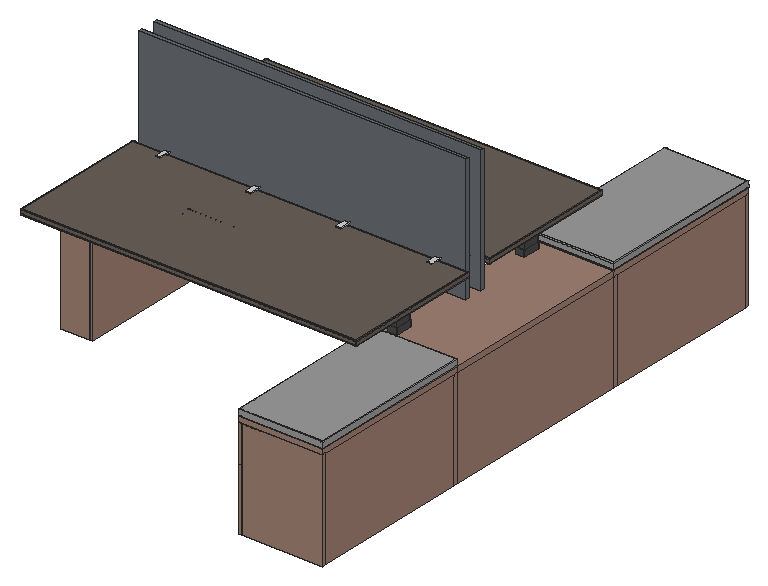
Revit family "OFS TYPICAL S200133", category Furniture, Revit 2022 (continued)
Definition of nested family "STAKS CROSS RAIL PREMIUM POWER Double Sided Three Circuit"
  Forms (in)
    Extrusion 21, solid, material <- "Metal Conduit Material"
      sketch origin (0, 0, -7.21633) x (1, 0, 0) y (0, 0, 1)
        loop
          line (-7.9956, 25.96148) -> (-7.9956, 25.77398) -> (-7.4956, 25.77398) -> (-7.4956, 25.96148) -> (-7.9956, 25.96148)
        loop
          line (-7.9956, 25.72711) -> (-7.9956, 25.53961) -> (-7.4956, 25.53961) -> (-7.4956, 25.72711) -> (-7.9956, 25.72711)
        loop
          line (-8.2456, 26.78961) -> (-7.4956, 26.78961) -> (-7.4956, 26.85211) -> (-7.9956, 26.85211) -> (-7.9956, 26.91461)
          arc (-7.9956, 26.91461) -> (-8.13244, 26.87579) -> (-8.2456, 26.78961) r 0.38203
        loop
          arc (-8.2456, 25.41461) -> (-8.13244, 25.32842) -> (-7.9956, 25.28961) r 0.38203
          line (-7.9956, 25.28961) -> (-7.9956, 25.35211) -> (-7.4956, 25.35211) -> (-7.4956, 25.41461) -> (-8.2456, 25.41461)
      from -0.1875 to 0.1875
    Extrusion 22, solid, material <- "Duplex Receptacle Material"
      sketch origin (0, 0, -7.21633) x (1, 0, 0) y (0, 0, 1)
        loop
          line (-5.67511, 27.03961) -> (-7.10692, 27.03961)
          arc (-7.10692, 27.03961) -> (-6.95294, 26.10211) -> (-7.10692, 25.16461) r 2.93108
          line (-7.10692, 25.16461) -> (-5.67511, 25.16461)
          arc (-5.67511, 25.16461) -> (-5.71965, 26.10211) -> (-5.67511, 27.03961) r 9.89034
      from -0.21875 to 0.21875
    Extrusion 23, solid, material <- "Duplex Receptacle Material"
      sketch origin (0, 0, -7.21633) x (-1, 0, 0) y (0, 0, -1)
        loop
          arc (-7.1328, -27.11305) -> (-6.95294, -26.10211) -> (-7.1328, -25.09116) r 2.93108
          line (-7.1328, -25.09116) -> (-7.4956, -25.09116) -> (-7.4956, -27.11305) -> (-7.1328, -27.11305)
      from -0.3125 to 0.3125
    Extrusion 24, solid, material <- "Duplex Receptacle Material"
      sketch origin (0, 0, -7.21633) x (-1, 0, 0) y (0, 0, -1)
        loop
          arc (-4.9204, -27.11305) -> (-4.74522, -26.10211) -> (-4.9204, -25.09116) r 3.00461
          line (-4.9204, -25.09116) -> (-5.64994, -25.09116)
          arc (-5.64994, -25.09116) -> (-5.70183, -26.10211) -> (-5.64994, -27.11305) r 9.87253
          line (-5.64994, -27.11305) -> (-4.9204, -27.11305)
      from -0.375 to 0.375
    Extrusion 25, solid, material <- "Metal Conduit Material"
      sketch origin (0, 0, -7.21633) x (-1, 0, 0) y (0, 0, -1)
        loop
          line (-7.9956, -26.66461) -> (-7.4956, -26.66461) -> (-7.4956, -26.47711) -> (-7.9956, -26.47711) -> (-7.9956, -26.66461)
        loop
          line (-7.9956, -26.43023) -> (-7.4956, -26.43023) -> (-7.4956, -26.24273) -> (-7.9956, -26.24273) -> (-7.9956, -26.43023)
        loop
          line (-7.9956, -26.19586) -> (-7.4956, -26.19586) -> (-7.4956, -26.00836) -> (-7.9956, -26.00836) -> (-7.9956, -26.19586)
        loop
          line (-7.9956, -25.96148) -> (-7.4956, -25.96148) -> (-7.4956, -25.77398) -> (-7.9956, -25.77398) -> (-7.9956, -25.96148)
        loop
          line (-7.9956, -25.72711) -> (-7.4956, -25.72711) -> (-7.4956, -25.53961) -> (-7.9956, -25.53961) -> (-7.9956, -25.72711)
        loop
          arc (-8.2456, -26.78961) -> (-8.13244, -26.87579) -> (-7.9956, -26.91461) r 0.38203
          line (-7.9956, -26.91461) -> (-7.9956, -26.85211) -> (-7.4956, -26.85211) -> (-7.4956, -26.78961) -> (-8.2456, -26.78961)
        loop
          line (-8.2456, -25.41461) -> (-7.4956, -25.41461) -> (-7.4956, -25.35211) -> (-7.9956, -25.35211) -> (-7.9956, -25.28961)
          arc (-7.9956, -25.28961) -> (-8.13244, -25.32842) -> (-8.2456, -25.41461) r 0.38203
      from -0.1875 to 0.1875
    Extrusion 26, solid, material <- "Duplex Receptacle Material"
      sketch origin (0, 0, -7.21633) x (-1, 0, 0) y (0, 0, -1)
        loop
          arc (-5.67511, -27.03961) -> (-5.71965, -26.10211) -> (-5.67511, -25.16461) r 9.89034
          line (-5.67511, -25.16461) -> (-7.10692, -25.16461)
          arc (-7.10692, -25.16461) -> (-6.95294, -26.10211) -> (-7.10692, -27.03961) r 2.93108
          line (-7.10692, -27.03961) -> (-5.67511, -27.03961)
      from -0.21875 to 0.21875
    Extrusion 27, solid, material <- "Metal Conduit Material"
      sketch origin (0, 0, -7.21633) x (0, 1, 0) y (0, 0, 1)
        loop
          spline (0, 25.62489) -> (0.05662, 25.64115) -> (0.10938, 25.68882) -> (0.15468, 25.76466) -> (0.18944, 25.8635) -> (0.2113, 25.97859) -> (0.21875, 26.10211) -> (0.2113, 26.22562) -> (0.18944, 26.34072) -> (0.15468, 26.43955) -> (0.10938, 26.51539) -> (0.05662, 26.56307) -> (0, 26.57933)
          spline (0, 26.57933) -> (-0.05662, 26.56307) -> (-0.10937, 26.51539) -> (-0.15468, 26.43955) -> (-0.18944, 26.34072) -> (-0.2113, 26.22562) -> (-0.21875, 26.10211) -> (-0.2113, 25.97859) -> (-0.18944, 25.8635) -> (-0.15468, 25.76466) -> (-0.10937, 25.68882) -> (-0.05662, 25.64115) -> (0, 25.62489)
      from -4.74522 to 4.74522
    Extrusion 28, solid, material <- "Bracket Material"
      sketch origin (-50.50488, -2.60899, -4) x (-1, 0, 0) y (0, -1, 0)
        loop
          line (-41.45406, -1.76899) -> (-41.56407, -1.76899)
          arc (-41.56407, -1.76899) -> (-41.69842, -1.82464) -> (-41.75407, -1.95899) r 0.19
          line (-41.75407, -1.95899) -> (-41.75407, -3.25899)
          arc (-41.75407, -3.25899) -> (-41.69842, -3.39334) -> (-41.56407, -3.44899) r 0.19
          line (-41.56407, -3.44899) -> (-41.45406, -3.44899) -> (-41.45406, -1.76899)
      from 23.79535 to 23.89535
    Extrusion 29, solid, material <- "Bracket Material"
      sketch origin (3.51075, -2.60899, -4) x (1, 0, 0) y (0, 1, 0)
        loop
          line (-15.45406, 1.76899) -> (-15.45406, 3.44899) -> (-15.56407, 3.44899)
          arc (-15.56407, 3.44899) -> (-15.69842, 3.39334) -> (-15.75407, 3.25899) r 0.19
          line (-15.75407, 3.25899) -> (-15.75407, 1.95899)
          arc (-15.75407, 1.95899) -> (-15.69842, 1.82464) -> (-15.56407, 1.76899) r 0.19
          line (-15.56407, 1.76899) -> (-15.45406, 1.76899)
      from 23.79535 to 23.89535
    Extrusion 30, void
      sketch origin (-50.49707, 0.175, -4) x (-1, 0, 0) y (0, -1, 0)
        loop
          line (-40.53389, 0) -> (-39.4687, 0)
          arc (-39.4687, 0) -> (-39.38031, 0.03661) -> (-39.3437, 0.125) r 0.125
          line (-39.3437, 0.125) -> (-39.3437, 0.82853) -> (-40.65889, 0.82853) -> (-40.65889, 0.125)
          arc (-40.65889, 0.125) -> (-40.62228, 0.03661) -> (-40.53389, 0) r 0.125
      from 24.43427 to 24.79317
    Extrusion 31, solid, material <- "Bracket Material"
      sketch origin (39.50552, 0, -4) x (0, 1, 0) y (0, 0, -1)
        loop
          line (0.05, -24.13481) -> (-0.05, -24.13481) -> (-0.05, -24.44535)
          arc (-0.05, -24.44535) -> (0.0159, -24.60445) -> (0.175, -24.67035) r 0.225
          line (0.175, -24.67035) -> (0.175, -24.57035)
          arc (0.175, -24.57035) -> (0.08661, -24.53374) -> (0.05, -24.44535) r 0.125
          line (0.05, -24.44535) -> (0.05, -24.13481)
      from 49.4687 to 50.53389
    Extrusion 32, solid, material <- "Bracket Material"
      sketch origin (50.50488, -2.60899, -4) x (1, 0, 0) y (0, 1, 0)
        loop
          line (-41.45406, 1.76899) -> (-41.45406, 3.44899) -> (-41.56407, 3.44899)
          arc (-41.56407, 3.44899) -> (-41.69842, 3.39334) -> (-41.75407, 3.25899) r 0.19
          line (-41.75407, 3.25899) -> (-41.75407, 1.95899)
          arc (-41.75407, 1.95899) -> (-41.69842, 1.82464) -> (-41.56407, 1.76899) r 0.19
          line (-41.56407, 1.76899) -> (-41.45406, 1.76899)
      from 23.79535 to 23.89535
    Extrusion 33, solid, material <- "Bracket Material"
      sketch origin (-3.51075, -2.60899, -4) x (-1, 0, 0) y (0, -1, 0)
        loop
          line (-15.45406, -1.76899) -> (-15.56407, -1.76899)
          arc (-15.56407, -1.76899) -> (-15.69842, -1.82464) -> (-15.75407, -1.95899) r 0.19
          line (-15.75407, -1.95899) -> (-15.75407, -3.25899)
          arc (-15.75407, -3.25899) -> (-15.69842, -3.39334) -> (-15.56407, -3.44899) r 0.19
          line (-15.56407, -3.44899) -> (-15.45406, -3.44899) -> (-15.45406, -1.76899)
      from 23.79535 to 23.89535
    Extrusion 34, void
      sketch origin (50.49707, 0.175, -4) x (1, 0, 0) y (0, 1, 0)
        loop
          arc (-40.53389, 0) -> (-40.62228, -0.03661) -> (-40.65889, -0.125) r 0.125
          line (-40.65889, -0.125) -> (-40.65889, -0.82853) -> (-39.3437, -0.82853) -> (-39.3437, -0.125)
          arc (-39.3437, -0.125) -> (-39.38031, -0.03661) -> (-39.4687, 0) r 0.125
          line (-39.4687, 0) -> (-40.53389, 0)
      from 24.43427 to 24.79317
    Extrusion 35, solid, material <- "Bracket Material"
      sketch origin (-39.50552, 0, -4) x (0, 1, 0) y (0, 0, 1)
        loop
          line (0.05, 24.13481) -> (0.05, 24.44535)
          arc (0.05, 24.44535) -> (0.08661, 24.53374) -> (0.175, 24.57035) r 0.125
          line (0.175, 24.57035) -> (0.175, 24.67035)
          arc (0.175, 24.67035) -> (0.0159, 24.60445) -> (-0.05, 24.44535) r 0.225
          line (-0.05, 24.44535) -> (-0.05, 24.13481) -> (0.05, 24.13481)
      from 49.4687 to 50.53389
    Extrusion 36, solid, material <- "Surface Material"
      sketch origin (0, 0, 0) x (1, 0, 0) y (0, 1, 0)
        loop
          line (-21.08661, 3) -> (-21.08661, -3) -> (21.08661, -3) -> (21.08661, 3) -> (-21.08661, 3)
      from 21.75 to 22.5
    Extrusion 37, solid, material <- "Bracket Material"
      sketch origin (0, 0, 0) x (0, 1, 0) y (0, 0, 1)
        loop
          line (0.79792, 20.75) -> (0.67292, 20.75) -> (0.67292, 18.36398) -> (-0.67292, 18.36398) -> (-0.67292, 20.75) -> (-0.79792, 20.75) -> (-0.79792, 18.23898) -> (0.79792, 18.23898) -> (0.79792, 20.75)
      from -0.5 to 0.5
    Extrusion 38, solid, material <- "Surface Material"
      sketch origin (0, 0, 0) x (0, 1, 0) y (0, 0, 1)
        loop
          line (2, 20.75) -> (2, 21.67035) -> (1.75, 21.67035) -> (1.75, 21.75) -> (-1.75, 21.75) -> (-1.75, 21.67035) -> (-2, 21.67035) -> (-2, 20.75) -> (2, 20.75)
      from -24 to 24
    Extrusion 39, solid, material <- "Power Block Casing Material"
      sketch origin (0, 0, -4.92035) x (0, 1, 0) y (0, 0, 1)
        loop
          arc (1, 25.61295) -> (0.93823, 25.67472) -> (0.87646, 25.61295) r 0.06177
          line (0.87646, 25.61295) -> (0.87646, 25.28492) -> (0.9402, 25.28492) -> (0.9402, 22.49327) -> (0.87646, 22.49327) -> (0.87646, 22.16134)
          arc (0.87646, 22.16134) -> (0.93823, 22.09957) -> (1, 22.16134) r 0.06177
          line (1, 22.16134) -> (1, 25.61295)
        loop
          line (-1, 25.59342) -> (-1, 22.16134)
          arc (-1, 22.16134) -> (-0.93823, 22.09957) -> (-0.87646, 22.16134) r 0.06177
          line (-0.87646, 22.16134) -> (-0.87646, 22.49327) -> (-0.9402, 22.49327) -> (-0.9402, 25.28492) -> (-0.87646, 25.28492) -> (-0.87646, 25.59342)
          arc (-0.87646, 25.59342) -> (-0.93823, 25.65518) -> (-1, 25.59342) r 0.06177
      from -18.08898 to 18.08898
    Extrusion 40, void
      sketch origin (0, 0, 0) x (1, 0, 0) y (0, 0, 1)
        loop
          arc (-11.99767, 19.66716) -> (-12.08606, 19.63055) -> (-12.12267, 19.54216) r 0.125
          line (-12.12267, 19.54216) -> (-12.12267, 18.2311)
          arc (-12.12267, 18.2311) -> (-12.08606, 18.14271) -> (-11.99767, 18.1061) r 0.125
          line (-11.99767, 18.1061) -> (-8.99767, 18.1061)
          arc (-8.99767, 18.1061) -> (-8.90929, 18.14271) -> (-8.87267, 18.2311) r 0.125
          line (-8.87267, 18.2311) -> (-8.87267, 19.54216)
          arc (-8.87267, 19.54216) -> (-8.90929, 19.63055) -> (-8.99767, 19.66716) r 0.125
          line (-8.99767, 19.66716) -> (-11.99767, 19.66716)
      from -2 to 2
    Extrusion 41, void
      sketch origin (0, 0, 0) x (-1, 0, 0) y (0, 0, -1)
        loop
          line (-11.99767, -19.66716) -> (-8.99767, -19.66716)
          arc (-8.99767, -19.66716) -> (-8.90929, -19.63055) -> (-8.87267, -19.54216) r 0.125
          line (-8.87267, -19.54216) -> (-8.87267, -18.2311)
          arc (-8.87267, -18.2311) -> (-8.90929, -18.14271) -> (-8.99767, -18.1061) r 0.125
          line (-8.99767, -18.1061) -> (-11.99767, -18.1061)
          arc (-11.99767, -18.1061) -> (-12.08606, -18.14271) -> (-12.12267, -18.2311) r 0.125
          line (-12.12267, -18.2311) -> (-12.12267, -19.54216)
          arc (-12.12267, -19.54216) -> (-12.08606, -19.63055) -> (-11.99767, -19.66716) r 0.125
      from -2 to 2
  Cuts and joins
    joined: Extrusion 10, Extrusion 11, Extrusion 12, Extrusion 13, Extrusion 14, Extrusion 15, Extrusion 16, Extrusion 17
    joined: Extrusion 1, Extrusion 2, Extrusion 3, Extrusion 4, Extrusion 5, Extrusion 7, Extrusion 8
    Extrusion 34 cuts Extrusion 18
    joined: Extrusion 18, Extrusion 32, Extrusion 33, Extrusion 35
    Extrusion 30 cuts Extrusion 9
    joined: Extrusion 9, Extrusion 28, Extrusion 29, Extrusion 31
    Extrusion 40, Extrusion 41 cuts Extrusion 39
  Dimensions and locks (in)
    locked: plane 16 to plane 17 at 21
    plane 16 to plane 20 to plane 18 to plane 6 to plane 10 to plane 7 to plane 8 to plane 9 to plane 21 to plane 14 to plane 13 to plane 12 to plane 15 to plane 11 to plane 22 to plane 23 to plane 17 = 2.91339", 1", 0.58515", 1.41249", 1.05509", 1.06519", 1.05768", 1.41249", 1.41249", 1.05768", 1.06519", 1.05509", 1.41249", 0.58515", 1", 2.91045"
    locked: plane 34 to plane 35 at 21
    plane 34 to plane 37 to plane 36 to plane 24 to plane 28 to plane 25 to plane 26 to plane 27 to plane 38 to plane 32 to plane 31 to plane 30 to plane 33 to plane 29 to plane 39 to plane 40 to plane 35 = 2.91339", 1", 0.58515", 1.41249", 1.05509", 1.06519", 1.05768", 1.41249", 1.41249", 1.05768", 1.06519", 1.05509", 1.41249", 0.58515", 1", 2.91045"
    equal spacing: plane 42, plane 3 "Center (Left/Right)", plane 41
    plane 42 to plane 44 to plane 45 to plane 46 to plane 47 = 3/4" locked, 0.54262" locked, 1.12844" locked, 1.07932" locked
    plane 50 to plane 49 to plane 48 to plane 43 to plane 41 = 1.07932" locked, 1.12844" locked, 0.54262" locked, 3/4" locked
    equal spacing: plane 16, plane 3 "Center (Left/Right)", plane 34
    "Width": plane 16 to plane 34
    equal spacing: plane 52, plane 1 "Center (Front/Back)", plane 51
    "Depth": plane 51 to plane 52
    plane 55 to level = 22 1/2"
    locked: plane 55 to plane 56 at 0.75
    locked: plane 56 to plane 57 at 1
    plane 57 to plane 19 = 3.40043"
    plane 59 to plane 3 "Center (Left/Right)" to plane 58 = 1/2" locked, 1/2" locked
    aligned and locked: level to plane 2
    aligned and locked: plane 12 to Extrusion 3
    aligned and locked: Extrusion 3 to plane 13
    aligned and locked: plane 11 to Extrusion 6
    aligned and locked: plane 21 to Extrusion 7
    aligned and locked: plane 30 to Extrusion 12
    aligned and locked: Extrusion 12 to plane 31
    aligned and locked: Extrusion 15 to plane 29
    aligned and locked: Extrusion 16 to plane 38
    aligned and locked: plane 47 to Extrusion 27
    aligned and locked: Extrusion 27 to plane 50
    aligned and locked: plane 11 to plane 44
    aligned and locked: plane 13 to cut or joined group of Extrusion 9, Extrusion 28, Extrusion 29, Extrusion 30, Extrusion 31
    aligned and locked: cut or joined group of Extrusion 9, Extrusion 28, Extrusion 29, Extrusion 30, Extrusion 31 to plane 12
    aligned and locked: cut or joined group of Extrusion 18, Extrusion 32, Extrusion 33, Extrusion 34, Extrusion 35 to plane 31
    aligned and locked: plane 30 to cut or joined group of Extrusion 18, Extrusion 32, Extrusion 33, Extrusion 34, Extrusion 35
    aligned and locked: plane 51 to Extrusion 36
    aligned and locked: Extrusion 36 to plane 20
    aligned and locked: plane 52 to Extrusion 36
    aligned and locked: Extrusion 36 to plane 37
    aligned and locked: Extrusion 36 to plane 56
    aligned and locked: plane 55 to Extrusion 36
    aligned and locked: Extrusion 38 sketch curve to plane 56
    aligned and locked: plane 54 to Extrusion 38 sketch curve
    aligned and locked: plane 53 to Extrusion 38 sketch curve
    aligned and locked: Extrusion 38 sketch curve to plane 4  (x2)
    aligned and locked: Extrusion 38 sketch curve to plane 57
    aligned and locked: plane 16 to Extrusion 38
    aligned and locked: Extrusion 38 to plane 34
    aligned and locked: plane 58 to Extrusion 37
    aligned and locked: plane 59 to Extrusion 37
    aligned and locked: plane 10 to Extrusion 39
    aligned and locked: Extrusion 39 to plane 28
  Automatic sketch dimensions
    Extrusion 1 sketch curve to Extrusion 1 sketch curve = 0"  (x16)
    plane 15 to Extrusion 1 sketch curve = 0"
    plane 14 to Extrusion 1 sketch curve = 0"
    Extrusion 1 sketch curve to plane 57 = 1.13977"
    Extrusion 1 sketch curve to Extrusion 1 sketch curve = 1/16"  (x3)
    Extrusion 1 sketch curve to plane 15 = 0.1961"  (x2)
    Extrusion 1 sketch curve to Extrusion 1 sketch curve = 9/64"  (x4)
    plane 14 to Extrusion 1 sketch curve = 0.39922"  (x2)
    plane 14 to Extrusion 1 sketch curve = 1/16"
    Extrusion 1 sketch curve to Extrusion 1 sketch curve = 1/8"  (x2)
    Extrusion 1 sketch curve to Extrusion 1 sketch curve = 0.00885"  (x2)
    Extrusion 1 sketch curve to Extrusion 1 sketch curve = 0.00024"  (x4)
    Extrusion 1 sketch curve to Extrusion 1 sketch curve = 1/64"  (x4)
    Extrusion 1 sketch curve to Extrusion 1 sketch curve = 0.00654"  (x2)
    Extrusion 1 sketch curve to Extrusion 1 sketch curve = 0.01744"  (x2)
    Extrusion 1 sketch curve to Extrusion 1 sketch curve = 0.0926"  (x2)
    Extrusion 1 sketch curve to Extrusion 1 sketch curve = 0.01543"  (x4)
    Extrusion 1 sketch curve to Extrusion 1 sketch curve = 0.48289"  (x2)
    Extrusion 1 sketch curve to Extrusion 1 sketch curve = 0.10803"
    plane 13 to Extrusion 2 sketch curve = 0.5313"
    plane 19 to Extrusion 2 sketch curve = 1.53619"
    Extrusion 3 sketch curve to plane 1 "Center (Front/Back)" = 0"  (x2)
    Extrusion 3 sketch curve to plane 1 "Center (Front/Back)" = 0.1644"
    Extrusion 3 sketch curve to plane 57 = 0.46025"
    plane 1 "Center (Front/Back)" to Extrusion 3 sketch curve = 0.10561"
    Extrusion 3 sketch curve to Extrusion 3 sketch curve = 0.05878"
    plane 1 "Center (Front/Back)" to Extrusion 3 sketch curve = 0.56603"
    Extrusion 3 sketch curve to Extrusion 3 sketch curve = 0.02458"  (x2)
    Extrusion 3 sketch curve to Extrusion 3 sketch curve = 0.02775"  (x2)
    Extrusion 3 sketch curve to Extrusion 3 sketch curve = 0.02814"  (x2)
    Extrusion 3 sketch curve to plane 1 "Center (Front/Back)" = 0.10561"
    Extrusion 3 sketch curve to plane 1 "Center (Front/Back)" = 0.56603"
    Extrusion 3 sketch curve to Extrusion 3 sketch curve = 0.00529"
    Extrusion 3 sketch curve to Extrusion 3 sketch curve = 0.02224"  (x2)
    Extrusion 3 sketch curve to Extrusion 3 sketch curve = 0.02753"
    Extrusion 3 sketch curve to Extrusion 3 sketch curve = 0"
    Extrusion 3 sketch curve to Extrusion 3 sketch curve = 0.09356"  (x2)
    Extrusion 3 sketch curve to Extrusion 3 sketch curve = 0.26625"  (x2)
    Extrusion 3 sketch curve to Extrusion 3 sketch curve = 0.02752"  (x2)
    Extrusion 3 sketch curve to Extrusion 3 sketch curve = 0.17531"  (x2)
    Extrusion 3 sketch curve to Extrusion 3 sketch curve = 0.40998"
    Extrusion 3 sketch curve to Extrusion 3 sketch curve = 0.12078"  (x2)
    Extrusion 3 sketch curve to Extrusion 3 sketch curve = 0.096"
    Extrusion 4 sketch curve to plane 42 = 0.29039"
    Extrusion 4 sketch curve to plane 57 = 0.70235"
    Extrusion 4 sketch curve to Extrusion 4 sketch curve = 0.03538"
    Extrusion 4 sketch curve to Extrusion 4 sketch curve = 0.05701"
    Extrusion 4 sketch curve to Extrusion 4 sketch curve = 0.0537"
    Extrusion 4 sketch curve to Extrusion 4 sketch curve = 0.0963"
    Extrusion 4 sketch curve to plane 15 = 0.11622"
    Extrusion 4 sketch curve to plane 15 = 0.25829"
    Extrusion 4 sketch curve to Extrusion 4 sketch curve = 0.04427"
    Extrusion 4 sketch curve to Extrusion 4 sketch curve = 0.12931"
    Extrusion 4 sketch curve to Extrusion 4 sketch curve = 0.14662"
    Extrusion 4 sketch curve to Extrusion 4 sketch curve = 0.06164"
    Extrusion 4 sketch curve to Extrusion 4 sketch curve = 0.10456"
    Extrusion 5 sketch curve to plane 14 = 0.36951"
    Extrusion 5 sketch curve to plane 14 = 0.33413"
    Extrusion 5 sketch curve to plane 57 = 1.08284"
    Extrusion 5 sketch curve to Extrusion 5 sketch curve = 0.05701"
    Extrusion 5 sketch curve to Extrusion 5 sketch curve = 0.0537"
    Extrusion 5 sketch curve to Extrusion 5 sketch curve = 0.0963"
    plane 14 to Extrusion 5 sketch curve = 0.11881"
    plane 14 to Extrusion 5 sketch curve = 0.26088"
    Extrusion 5 sketch curve to Extrusion 5 sketch curve = 0.04291"
    Extrusion 5 sketch curve to Extrusion 5 sketch curve = 0.06852"
    Extrusion 5 sketch curve to Extrusion 5 sketch curve = 0.14662"
    Extrusion 5 sketch curve to Extrusion 5 sketch curve = 0.08504"
    Extrusion 5 sketch curve to Extrusion 5 sketch curve = 0.04427"
    plane 11 to Extrusion 6 sketch curve = 0"
    Extrusion 6 sketch curve to plane 57 = 0.8533"
    Extrusion 6 sketch curve to Extrusion 6 sketch curve = 0.37191"  (x2)
    plane 42 to Extrusion 6 sketch curve = 0.208"
    Extrusion 6 sketch curve to Extrusion 6 sketch curve = 1.01094"
    plane 19 to Extrusion 6 sketch curve = 0.52525"
    plane 21 to Extrusion 7 sketch curve = 0"
    plane 19 to Extrusion 7 sketch curve = 0.52525"
    Extrusion 7 sketch curve to plane 21 = 0.37191"  (x2)
    Extrusion 7 sketch curve to plane 21 = 0.542"
    Extrusion 7 sketch curve to Extrusion 7 sketch curve = 1.01094"
    Extrusion 7 sketch curve to plane 57 = 0.8533"
    plane 11 to Extrusion 8 sketch curve = 0"
    plane 21 to Extrusion 8 sketch curve = 0"
    Extrusion 8 sketch curve to plane 42 = 0.3051"
    Extrusion 8 sketch curve to plane 57 = 0.96424"
    Extrusion 8 sketch curve to plane 42 = 0.19353"
    Extrusion 8 sketch curve to plane 42 = 0.21308"
    Extrusion 8 sketch curve to plane 42 = 0.30563"
    Extrusion 8 sketch curve to plane 14 = 0.35686"
    Extrusion 8 sketch curve to plane 14 = 0.35739"
    Extrusion 8 sketch curve to Extrusion 8 sketch curve = 0.09255"
    Extrusion 8 sketch curve to Extrusion 8 sketch curve = 0.11157"
    Extrusion 8 sketch curve to Extrusion 8 sketch curve = 0.35781"  (x2)
    plane 19 to Extrusion 8 sketch curve = 0.99403"  (x2)
    Extrusion 8 sketch curve to Extrusion 8 sketch curve = 0.41292"
    Extrusion 9 sketch curve to plane 14 = 0.1445"
    plane 14 to Extrusion 9 sketch curve = 0.22401"
    Extrusion 9 sketch curve to plane 57 = 0.95465"
    plane 14 to Extrusion 9 sketch curve = 0.24355"
    Extrusion 9 sketch curve to Extrusion 9 sketch curve = 0.10014"  (x2)
    Extrusion 9 sketch curve to plane 57 = 0.07965"
    Extrusion 9 sketch curve to Extrusion 9 sketch curve = 0.0228"  (x2)
    Extrusion 9 sketch curve to plane 15 = 0.37235"
    Extrusion 9 sketch curve to Extrusion 9 sketch curve = 5/256"
    plane 15 to Extrusion 9 sketch curve = 0.13863"
    Extrusion 9 sketch curve to Extrusion 9 sketch curve = 0.75206"
    Extrusion 9 sketch curve to Extrusion 9 sketch curve = 0.1"
    Extrusion 9 sketch curve to Extrusion 9 sketch curve = 0.01968"
    Extrusion 9 sketch curve to Extrusion 9 sketch curve = 0.02294"
    Extrusion 10 sketch curve to Extrusion 10 sketch curve = 0"  (x16)
    plane 33 to Extrusion 10 sketch curve = 0"
    plane 32 to Extrusion 10 sketch curve = 0"
    plane 19 to Extrusion 10 sketch curve = 0.81172"
    Extrusion 10 sketch curve to plane 33 = 1/16"
    Extrusion 10 sketch curve to plane 33 = 0.1961"  (x2)
    Extrusion 10 sketch curve to Extrusion 10 sketch curve = 1/16"  (x3)
    Extrusion 10 sketch curve to Extrusion 10 sketch curve = 9/64"  (x4)
    plane 32 to Extrusion 10 sketch curve = 0.39922"  (x2)
    Extrusion 10 sketch curve to Extrusion 10 sketch curve = 1/8"  (x4)
    Extrusion 10 sketch curve to Extrusion 10 sketch curve = 0.00885"  (x2)
    Extrusion 10 sketch curve to Extrusion 10 sketch curve = 0.00024"  (x4)
    Extrusion 10 sketch curve to Extrusion 10 sketch curve = 1/64"  (x4)
    Extrusion 10 sketch curve to Extrusion 10 sketch curve = 0.00654"  (x2)
    Extrusion 10 sketch curve to Extrusion 10 sketch curve = 0.0926"  (x3)
    Extrusion 10 sketch curve to Extrusion 10 sketch curve = 0.01543"  (x4)
    Extrusion 10 sketch curve to Extrusion 10 sketch curve = 0.48289"  (x2)
    plane 31 to Extrusion 11 sketch curve = 0.5313"
    plane 19 to Extrusion 11 sketch curve = 1.53619"
    Extrusion 12 sketch curve to plane 1 "Center (Front/Back)" = 0"  (x2)
    Extrusion 12 sketch curve to plane 57 = 1.05979"
    plane 1 "Center (Front/Back)" to Extrusion 12 sketch curve = 0.10561"
    Extrusion 12 sketch curve to Extrusion 12 sketch curve = 0.05878"  (x2)
    plane 1 "Center (Front/Back)" to Extrusion 12 sketch curve = 0.56603"
    Extrusion 12 sketch curve to Extrusion 12 sketch curve = 0.02458"  (x2)
    Extrusion 12 sketch curve to Extrusion 12 sketch curve = 0.02775"  (x2)
    Extrusion 12 sketch curve to Extrusion 12 sketch curve = 0.02814"  (x2)
    Extrusion 12 sketch curve to plane 1 "Center (Front/Back)" = 0.10561"
    Extrusion 12 sketch curve to plane 1 "Center (Front/Back)" = 0.56603"
    Extrusion 12 sketch curve to Extrusion 12 sketch curve = 0.00529"
    Extrusion 12 sketch curve to Extrusion 12 sketch curve = 0.02224"  (x2)
    Extrusion 12 sketch curve to Extrusion 12 sketch curve = 0.02753"
    Extrusion 12 sketch curve to Extrusion 12 sketch curve = 0.00969"  (x2)
    Extrusion 12 sketch curve to Extrusion 12 sketch curve = 0.096"
    Extrusion 12 sketch curve to Extrusion 12 sketch curve = 0.12078"  (x2)
    Extrusion 12 sketch curve to Extrusion 12 sketch curve = 0.17531"  (x2)
    Extrusion 12 sketch curve to Extrusion 12 sketch curve = 0.02752"  (x2)
    Extrusion 12 sketch curve to Extrusion 12 sketch curve = 0.40998"
    Extrusion 12 sketch curve to Extrusion 12 sketch curve = 0"
    Extrusion 12 sketch curve to Extrusion 12 sketch curve = 0.09356"  (x2)
    Extrusion 13 sketch curve to plane 41 = 0.29039"
    Extrusion 13 sketch curve to plane 41 = 0.32576"
    Extrusion 13 sketch curve to plane 57 = 1.08284"
    Extrusion 13 sketch curve to Extrusion 13 sketch curve = 0.05701"
    Extrusion 13 sketch curve to Extrusion 13 sketch curve = 0.0537"
    Extrusion 13 sketch curve to Extrusion 13 sketch curve = 0.0963"
    Extrusion 13 sketch curve to plane 33 = 0.11622"
    Extrusion 13 sketch curve to plane 33 = 0.25829"
    Extrusion 13 sketch curve to Extrusion 13 sketch curve = 0.04291"
    Extrusion 13 sketch curve to Extrusion 13 sketch curve = 0.06852"
    Extrusion 13 sketch curve to Extrusion 13 sketch curve = 0.14662"
    Extrusion 13 sketch curve to Extrusion 13 sketch curve = 0.08504"
    Extrusion 13 sketch curve to Extrusion 13 sketch curve = 0.04427"
    Extrusion 14 sketch curve to plane 32 = 0.36951"
    Extrusion 14 sketch curve to plane 57 = 0.70235"
    Extrusion 14 sketch curve to Extrusion 14 sketch curve = 0.03538"
    Extrusion 14 sketch curve to Extrusion 14 sketch curve = 0.05701"
    Extrusion 14 sketch curve to Extrusion 14 sketch curve = 0.0537"
    Extrusion 14 sketch curve to Extrusion 14 sketch curve = 0.0963"
    plane 32 to Extrusion 14 sketch curve = 0.11881"
    plane 32 to Extrusion 14 sketch curve = 0.26088"
    Extrusion 14 sketch curve to Extrusion 14 sketch curve = 0.04427"
    Extrusion 14 sketch curve to Extrusion 14 sketch curve = 0.12931"
    Extrusion 14 sketch curve to Extrusion 14 sketch curve = 0.14662"
    Extrusion 14 sketch curve to Extrusion 14 sketch curve = 0.06164"
    Extrusion 14 sketch curve to Extrusion 14 sketch curve = 0.10456"
    plane 29 to Extrusion 15 sketch curve = 0"
    plane 19 to Extrusion 15 sketch curve = 0.52525"
    Extrusion 15 sketch curve to plane 29 = 0.37191"  (x2)
    plane 41 to Extrusion 15 sketch curve = 0.208"
    Extrusion 15 sketch curve to Extrusion 15 sketch curve = 1.01094"
    Extrusion 15 sketch curve to plane 57 = 0.8533"
    Extrusion 16 sketch curve to plane 38 = 0"
    Extrusion 16 sketch curve to plane 57 = 0.8533"
    Extrusion 16 sketch curve to Extrusion 16 sketch curve = 0.37191"  (x2)
    Extrusion 16 sketch curve to plane 38 = 0.542"
    Extrusion 16 sketch curve to Extrusion 16 sketch curve = 1.01094"
    plane 19 to Extrusion 16 sketch curve = 0.52525"
    plane 29 to Extrusion 17 sketch curve = 0"
    Extrusion 17 sketch curve to plane 38 = 0"
    plane 19 to Extrusion 17 sketch curve = 0.58111"
    Extrusion 17 sketch curve to plane 41 = 0.19353"
    Extrusion 17 sketch curve to plane 41 = 0.21308"
    Extrusion 17 sketch curve to plane 41 = 0.3051"
    Extrusion 17 sketch curve to plane 41 = 0.30563"
    Extrusion 17 sketch curve to plane 32 = 0.35686"
    Extrusion 17 sketch curve to plane 32 = 0.35739"
    Extrusion 17 sketch curve to Extrusion 17 sketch curve = 0.09255"
    Extrusion 17 sketch curve to Extrusion 17 sketch curve = 0.11157"
    Extrusion 17 sketch curve to Extrusion 17 sketch curve = 0.41292"  (x2)
    Extrusion 17 sketch curve to Extrusion 17 sketch curve = 1.08434"  (x2)
    Extrusion 17 sketch curve to Extrusion 17 sketch curve = 0.35781"
    Extrusion 18 sketch curve to plane 32 = 0.1445"
    Extrusion 18 sketch curve to plane 57 = 0.07965"
    plane 32 to Extrusion 18 sketch curve = 0.22401"
    plane 32 to Extrusion 18 sketch curve = 0.24355"
    Extrusion 18 sketch curve to Extrusion 18 sketch curve = 0.10014"  (x2)
    Extrusion 18 sketch curve to Extrusion 18 sketch curve = 0.0228"  (x2)
    Extrusion 18 sketch curve to plane 33 = 0.37235"
    Extrusion 18 sketch curve to Extrusion 18 sketch curve = 5/256"
    plane 33 to Extrusion 18 sketch curve = 0.13863"
    Extrusion 18 sketch curve to Extrusion 18 sketch curve = 0.02294"
    Extrusion 18 sketch curve to Extrusion 18 sketch curve = 0.63238"  (x2)
    Extrusion 18 sketch curve to Extrusion 18 sketch curve = 0.01968"
    Extrusion 18 sketch curve to Extrusion 18 sketch curve = 0.1"
    plane 11 to Extrusion 19 sketch curve = 0"
    Extrusion 19 sketch curve to plane 45 = 0.17982"  (x2)
    plane 19 to Extrusion 19 sketch curve = 0.52526"
    plane 12 to Extrusion 19 sketch curve = 0.07916"
    Extrusion 19 sketch curve to plane 57 = 0.85328"
    plane 46 to Extrusion 20 sketch curve = 0.1746"
    plane 19 to Extrusion 20 sketch curve = 0.52526"
    Extrusion 20 sketch curve to Extrusion 20 sketch curve = 0"
    Extrusion 20 sketch curve to plane 47 = 0.17518"  (x2)
    Extrusion 20 sketch curve to plane 11 = 0.25423"
    plane 50 to Extrusion 20 sketch curve = 0.57452"
    Extrusion 20 sketch curve to plane 57 = 0.85328"
    plane 42 to Extrusion 21 sketch curve = 0"  (x2)
    plane 11 to Extrusion 21 sketch curve = 0"  (x7)
    plane 42 to Extrusion 21 sketch curve = 1/4"  (x2)
    plane 19 to Extrusion 21 sketch curve = 0.72371"
    Extrusion 21 sketch curve to Extrusion 21 sketch curve = 0"  (x5)
    Extrusion 21 sketch curve to Extrusion 21 sketch curve = 0.03401"  (x2)
    Extrusion 21 sketch curve to Extrusion 21 sketch curve = 1/16"  (x4)
    Extrusion 21 sketch curve to Extrusion 21 sketch curve = 1/8"  (x2)
    Extrusion 21 sketch curve to Extrusion 21 sketch curve = 3/16"  (x5)
    Extrusion 21 sketch curve to Extrusion 21 sketch curve = 3/64"  (x4)
    Extrusion 22 sketch curve to plane 45 = 0.15394"
    plane 19 to Extrusion 22 sketch curve = 0.59871"
    plane 11 to Extrusion 22 sketch curve = 0.38868"
    plane 46 to Extrusion 22 sketch curve = 0.14943"  (x2)
    plane 12 to Extrusion 22 sketch curve = 0.07916"
    plane 50 to Extrusion 22 sketch curve = 0.57452"
    Extrusion 22 sketch curve to plane 57 = 0.92672"
    plane 29 to Extrusion 23 sketch curve = 0"
    plane 48 to Extrusion 23 sketch curve = 0.17982"  (x2)
    Extrusion 23 sketch curve to plane 19 = 0.52526"
    Extrusion 23 sketch curve to plane 30 = 0.07916"
    plane 57 to Extrusion 23 sketch curve = 0.85328"
    Extrusion 24 sketch curve to plane 49 = 0.1746"
    Extrusion 24 sketch curve to plane 19 = 0.52526"
    Extrusion 24 sketch curve to Extrusion 24 sketch curve = 0"
    plane 50 to Extrusion 24 sketch curve = 0.17518"  (x2)
    plane 29 to Extrusion 24 sketch curve = 0.25423"
    Extrusion 24 sketch curve to plane 47 = 0.57452"
    plane 57 to Extrusion 24 sketch curve = 0.85328"
    plane 41 to Extrusion 25 sketch curve = 0"  (x2)
    plane 29 to Extrusion 25 sketch curve = 0"  (x7)
    Extrusion 25 sketch curve to plane 41 = 1/4"  (x2)
    Extrusion 25 sketch curve to plane 19 = 0.72371"
    Extrusion 25 sketch curve to Extrusion 25 sketch curve = 0"  (x5)
    Extrusion 25 sketch curve to Extrusion 25 sketch curve = 0.03401"  (x2)
    Extrusion 25 sketch curve to Extrusion 25 sketch curve = 1/16"  (x4)
    Extrusion 25 sketch curve to Extrusion 25 sketch curve = 1/8"  (x2)
    Extrusion 25 sketch curve to Extrusion 25 sketch curve = 3/16"  (x5)
    Extrusion 25 sketch curve to Extrusion 25 sketch curve = 3/64"  (x4)
    plane 48 to Extrusion 26 sketch curve = 0.15394"
    Extrusion 26 sketch curve to plane 19 = 0.59871"
    Extrusion 26 sketch curve to plane 29 = 0.38868"
    Extrusion 26 sketch curve to plane 49 = 0.14943"  (x2)
    Extrusion 26 sketch curve to plane 30 = 0.07916"
    Extrusion 26 sketch curve to plane 47 = 0.57452"
    plane 57 to Extrusion 26 sketch curve = 0.92672"
    Extrusion 27 sketch curve to plane 1 "Center (Front/Back)" = 0"
    plane 19 to Extrusion 27 sketch curve = 1.05899"
    Extrusion 27 sketch curve to Extrusion 27 sketch curve = 0.47722"
    plane 15 to Extrusion 28 sketch curve = 0.15728"
    Extrusion 28 sketch curve to plane 15 = 0.14273"
    Extrusion 28 sketch curve to plane 1 "Center (Front/Back)" = 0.84"
    Extrusion 28 sketch curve to plane 15 = 0.03272"  (x2)
    plane 1 "Center (Front/Back)" to Extrusion 28 sketch curve = 0.65"
    Extrusion 29 sketch curve to plane 14 = 0.15728"
    plane 14 to Extrusion 29 sketch curve = 0.14273"
    plane 1 "Center (Front/Back)" to Extrusion 29 sketch curve = 0.84"
    plane 14 to Extrusion 29 sketch curve = 0.03272"  (x2)
    Extrusion 29 sketch curve to plane 1 "Center (Front/Back)" = 0.65"
    Extrusion 30 sketch curve to plane 12 = 0"
    Extrusion 30 sketch curve to plane 13 = 0"
    Extrusion 30 sketch curve to plane 1 "Center (Front/Back)" = 0.175"
    plane 12 to Extrusion 30 sketch curve = 1/8"
    Extrusion 30 sketch curve to plane 13 = 1/8"
    plane 1 "Center (Front/Back)" to Extrusion 30 sketch curve = 0.65353"
    Extrusion 31 sketch curve to Extrusion 31 sketch curve = 0"  (x2)
    plane 1 "Center (Front/Back)" to Extrusion 31 sketch curve = 0.05"
    Extrusion 31 sketch curve to plane 57 = 0.07965"
    Extrusion 31 sketch curve to plane 1 "Center (Front/Back)" = 0.05"
    Extrusion 31 sketch curve to plane 1 "Center (Front/Back)" = 0.175"
    Extrusion 31 sketch curve to Extrusion 31 sketch curve = 0.31054"
    plane 33 to Extrusion 32 sketch curve = 0.15728"
    Extrusion 32 sketch curve to plane 33 = 0.14273"
    plane 1 "Center (Front/Back)" to Extrusion 32 sketch curve = 0.84"
    Extrusion 32 sketch curve to plane 33 = 0.03272"  (x2)
    Extrusion 32 sketch curve to plane 1 "Center (Front/Back)" = 0.65"
    Extrusion 33 sketch curve to plane 32 = 0.15728"
    plane 32 to Extrusion 33 sketch curve = 0.14273"
    Extrusion 33 sketch curve to plane 1 "Center (Front/Back)" = 0.84"
    plane 32 to Extrusion 33 sketch curve = 0.03272"  (x2)
    plane 1 "Center (Front/Back)" to Extrusion 33 sketch curve = 0.65"
    Extrusion 34 sketch curve to plane 30 = 0"
    Extrusion 34 sketch curve to plane 31 = 0"
    Extrusion 34 sketch curve to plane 31 = 1/8"
    plane 1 "Center (Front/Back)" to Extrusion 34 sketch curve = 0.65353"
    plane 30 to Extrusion 34 sketch curve = 1/8"
    Extrusion 34 sketch curve to plane 1 "Center (Front/Back)" = 0.05"
    Extrusion 35 sketch curve to Extrusion 35 sketch curve = 0"  (x2)
    plane 1 "Center (Front/Back)" to Extrusion 35 sketch curve = 0.05"
    Extrusion 35 sketch curve to plane 57 = 0.61519"
    Extrusion 35 sketch curve to plane 1 "Center (Front/Back)" = 0.05"
    Extrusion 35 sketch curve to plane 1 "Center (Front/Back)" = 0.175"
    Extrusion 35 sketch curve to plane 57 = 0.30465"
    Extrusion 36 sketch curve to plane 20 = 0"
    Extrusion 36 sketch curve to plane 37 = 0"
    plane 52 to Extrusion 36 sketch curve = 0"
    Extrusion 36 sketch curve to plane 51 = 0"
    Extrusion 37 sketch curve to plane 57 = 0"  (x2)
    plane 1 "Center (Front/Back)" to Extrusion 37 sketch curve = 0.79792"
    plane 19 to Extrusion 37 sketch curve = 0.88941"
    Extrusion 37 sketch curve to Extrusion 37 sketch curve = 1/8"  (x3)
    Extrusion 37 sketch curve to plane 1 "Center (Front/Back)" = 0.67292"
    Extrusion 38 sketch curve to plane 54 = 1/4"
    Extrusion 38 sketch curve to plane 53 = 1/4"
    Extrusion 39 sketch curve to plane 19 = 0.10858"  (x2)
    Extrusion 39 sketch curve to plane 54 = 1"
    Extrusion 39 sketch curve to Extrusion 39 sketch curve = 0.0598"
    Extrusion 39 sketch curve to Extrusion 39 sketch curve = 0.12354"  (x3)
    plane 19 to Extrusion 39 sketch curve = 0.22335"  (x2)
    Extrusion 39 sketch curve to plane 1 "Center (Front/Back)" = 0.87646"  (x2)
    Extrusion 39 sketch curve to plane 57 = 0.38543"  (x2)
    Extrusion 39 sketch curve to Extrusion 39 sketch curve = 0.06374"
    Extrusion 39 sketch curve to plane 57 = 0.07693"
    Extrusion 39 sketch curve to plane 57 = 0.0574"
    Extrusion 40 sketch curve to plane 14 = 0.03663"
    plane 14 to Extrusion 40 sketch curve = 0.08837"  (x2)
    plane 19 to Extrusion 40 sketch curve = 0.75653"
    Extrusion 40 sketch curve to plane 15 = 0.08958"  (x2)
    plane 15 to Extrusion 40 sketch curve = 0.03542"
    Extrusion 40 sketch curve to plane 57 = 1.20784"
    plane 32 to Extrusion 41 sketch curve = 0.03663"
    Extrusion 41 sketch curve to plane 32 = 0.08837"  (x2)
    Extrusion 41 sketch curve to plane 19 = 0.75653"
    plane 33 to Extrusion 41 sketch curve = 0.08958"  (x2)
    Extrusion 41 sketch curve to plane 33 = 0.03542"
    plane 57 to Extrusion 41 sketch curve = 1.20784"
    radius of Extrusion 2 sketch curve = 1/16"
    radius of Extrusion 11 sketch curve = 1/16"
Definition of nested family "STAKS WORKSURFACE EDGE MODESTY FABRIC"
  Parameters (values of type "STAKS WORKSURFACE EDGE MODESTY FABRIC 72")
    Width = 72"
    URL = "http://www.ofs.com/"
    Model = "6-WEMF-72/23.75"
    Manufacturer = "OFS"
    Height From Floor = 23 3/4"
    Height = 23 3/4"
    Description = "OFS STAKS WORKSURFACE EDGE MODESTY FABRIC 72\", Provides Privacy in the Open Plan or Private Office"
    Depth = 3/4"
    Default Elevation = 0"
    Copyright © = "© 2018 OFS"
    Catalog = "https://ofs.com/products/casegoods/private-office/staks"
    Panel Material = none
    Authoring Version = "Autodesk Revit Architecture 2013"
    Assembly Code = "E2020200"
  Types (9): name | Width | Model | Description
    STAKS WORKSURFACE EDGE MODESTY FABRIC 24 | 24" | "6-WEMF-24/23.75" | "OFS STAKS WORKSURFACE EDGE MODESTY FABRIC 24\", Provides Privacy in the Open Plan or Private Office"
    STAKS WORKSURFACE EDGE MODESTY FABRIC 30 | 30" | "6-WEMF-30/23.75" | "OFS STAKS WORKSURFACE EDGE MODESTY FABRIC 30\", Provides Privacy in the Open Plan or Private Office"
    STAKS WORKSURFACE EDGE MODESTY FABRIC 36 | 36" | "6-WEMF-36/23.75" | "OFS STAKS WORKSURFACE EDGE MODESTY FABRIC 36\", Provides Privacy in the Open Plan or Private Office"
    STAKS WORKSURFACE EDGE MODESTY FABRIC 42 | 42" | "6-WEMF-42/23.75" | "OFS STAKS WORKSURFACE EDGE MODESTY FABRIC 42\", Provides Privacy in the Open Plan or Private Office"
    STAKS WORKSURFACE EDGE MODESTY FABRIC 48 | 48" | "6-WEMF-48/23.75" | "OFS STAKS WORKSURFACE EDGE MODESTY FABRIC 48\", Provides Privacy in the Open Plan or Private Office"
    STAKS WORKSURFACE EDGE MODESTY FABRIC 54 | 54" | "6-WEMF-54/23.75" | "OFS STAKS WORKSURFACE EDGE MODESTY FABRIC 54\", Provides Privacy in the Open Plan or Private Office"
    STAKS WORKSURFACE EDGE MODESTY FABRIC 60 | 60" | "6-WEMF-60/23.75" | "OFS STAKS WORKSURFACE EDGE MODESTY FABRIC 60\", Provides Privacy in the Open Plan or Private Office"
    STAKS WORKSURFACE EDGE MODESTY FABRIC 66 | 66" | "6-WEMF-66/23.75" | "OFS STAKS WORKSURFACE EDGE MODESTY FABRIC 66\", Provides Privacy in the Open Plan or Private Office"
    STAKS WORKSURFACE EDGE MODESTY FABRIC 72 | 72" | "6-WEMF-72/23.75" | "OFS STAKS WORKSURFACE EDGE MODESTY FABRIC 72\", Provides Privacy in the Open Plan or Private Office"
  Reference planes (in)
    plane 1: z = 0
    plane 2 "Center (Front/Back)": y = 2.37535
    plane 3 "LEFT": x = -52.5
    plane 4 "BASE TOP": z = 23.75
    plane 5 "RIGHT": x = 19.5
    plane 6: z = 0
    plane 7: y = 2.75035
    plane 8 "CENTER": x = -16.5
    plane 9: y = 2.00035
  Forms (in)
    Extrusion 1, solid, material <- "Panel Material"
      sketch origin (0, 2.37535, 0) x (1, 0, 0) y (0, 0, 1)
        loop
          line (-52.5, 23.75) -> (-52.5, 0) -> (19.5, 0) -> (19.5, 23.75) -> (-52.5, 23.75)
      from -0.375 to 0.375
  Dimensions and locks (in)
    "Height From Floor": plane 4 "BASE TOP" to plane 1
    "Height": plane 4 "BASE TOP" to plane 6
    equal spacing: plane 3 "LEFT", plane 8 "CENTER", plane 5 "RIGHT"
    equal spacing: plane 9, plane 2 "Center (Front/Back)", plane 7
    "Width": plane 3 "LEFT" to plane 5 "RIGHT"
    "Depth": plane 9 to plane 7
    aligned and locked: level to plane 1
    aligned and locked: Extrusion 1 sketch curve to plane 4 "BASE TOP"
    aligned and locked: plane 3 "LEFT" to Extrusion 1 sketch curve
    aligned and locked: Extrusion 1 sketch curve to plane 5 "RIGHT"
    aligned and locked: Extrusion 1 to plane 6
    aligned and locked: Extrusion 1 to plane 7
    aligned and locked: Extrusion 1 to plane 9
  Automatic sketch dimensions
    Extrusion 1 sketch curve to plane 6 = 0"
Definition of nested family "STAKS BRACKETS FOR WORKSURFACE EDGE MODESTY FABRIC PANEL"
  Parameters (values of type "STAKS BRACKETS FOR WORKSURFACE EDGE MODESTY Fabric Panel")
    Width = 1"
    URL = "http://www.ofs.com/"
    Height from Floor = 30"
    Height = 2 1/2"
    Model = "WEBKT-3"
    Manufacturer = "OFS"
    Description = "OFS STAKS BRACKETS FOR WORKSURFACE EDGE MODESTY for Fabric Panel"
    Depth = 3 11/16"
    Default Elevation = 0"
    Copyright © = "© 2018 OFS"
    Catalog = "https://ofs.com/products/open-plan/benching/staks"
    Authoring Version = "Autodesk Revit Architecture 2013"
    Assembly Code = "E2020200"
    Surface Material = none
  Reference planes (in)
    plane 1 "Center (Front/Back)": y = 0
    plane 2: z = 0
    plane 3 "Center (Left/Right)": x = 0
    plane 4: x = 0.5
    plane 5: x = -0.5
    plane 6: y = 0.875
    plane 7: y = -3
    plane 8: z = 30
    plane 9: z = 32.5
    plane 10: y = -1.25
  Forms (in)
    Extrusion 1, solid, material <- "Surface Material"
      sketch origin (0, 0, 0) x (0, 1, 0) y (0, 0, 1)
        loop
          line (0, 32.5) -> (-3, 32.5) -> (-3, 32.375) -> (-1.25, 32.375) -> (-1.25, 31.125) -> (-3, 31.125) -> (-3, 31) -> (-1.25, 31) -> (-1.25, 30) -> (0, 30) -> (0, 32.5)
        loop
          line (-0.125, 32.375) -> (-1.125, 32.375) -> (-1.125, 30.125) -> (-0.125, 30.125) -> (-0.125, 32.375)
      from -0.5 to 0.5
    Extrusion 2, void
      sketch origin (0, 0, 0) x (1, 0, 0) y (0, 0, 1)
        loop
          circle (0, 30.5625) r 0.1875
        loop
          circle (0, 31.6875) r 0.1875
      from 0.83423 to 1.60927
    Extrusion 3, solid, material <- "Surface Material"
      sketch origin (0, 0, 0) x (1, 0, 0) y (0, 0, 1)
        loop
          circle (0, 30.5625) r 0.0625
        loop
          circle (0, 31.9375) r 0.0625
      from 0 to -0.875
    Extrusion 4, solid, material <- "Surface Material"
      sketch origin (0, 0, 0) x (1, 0, 0) y (0, 1, 0)
        loop
          circle (0, -2.15157) r 0.125
      from 31.125 to 31.5
    Extrusion 5, solid, material <- "Surface Material"
      sketch origin (0, 0, 0) x (1, 0, 0) y (0, 0, 1)
        loop
          line (-0.5, 32.5) -> (-0.5, 30) -> (0.5, 30) -> (0.5, 32.5) -> (-0.5, 32.5)
      from -0.875 to -0.96004
    Extrusion 6, solid, material <- "Surface Material"
      sketch origin (0, 0, 0) x (1, 0, 0) y (0, 0, 1)
        loop
          line (-0.25, 31.625) -> (-0.25, 30.875) -> (0.25, 30.875) -> (0.25, 31.625) -> (-0.25, 31.625)
      from 0 to -0.15772
  Cuts and joins
    Extrusion 2 cuts Extrusion 1
  Dimensions and locks (in)
    equal spacing: plane 5, plane 3 "Center (Left/Right)", plane 4
    "Width": plane 5 to plane 4
    plane 1 "Center (Front/Back)" to plane 7 = 3"
    "Height": plane 9 to plane 8
    "Height from Floor": plane 8 to level
    plane 1 "Center (Front/Back)" to plane 6 = 7/8"
    aligned and locked: level to plane 2
    aligned and locked: plane 9 to Extrusion 1 sketch curve
    aligned and locked: Extrusion 1 sketch curve to plane 1 "Center (Front/Back)"
    aligned and locked: Extrusion 1 sketch curve to plane 8
    aligned and locked: plane 10 to Extrusion 1 sketch curve
    aligned and locked: Extrusion 1 sketch curve to plane 7
    aligned and locked: plane 5 to Extrusion 1
    aligned and locked: plane 4 to Extrusion 1
    aligned and locked: Extrusion 3 to plane 1 "Center (Front/Back)"
    aligned and locked: plane 6 to Extrusion 3
    aligned and locked: Extrusion 5 sketch curve to cut or joined group of Extrusion 1, Extrusion 2  (x4)
    aligned and locked: Extrusion 5 to plane 6
  Automatic sketch dimensions
    Extrusion 1 sketch curve to plane 10 = 0"
    plane 8 to Extrusion 1 sketch curve = 1/8"
    Extrusion 1 sketch curve to plane 7 = 0"
    Extrusion 1 sketch curve to plane 10 = 1/8"
    plane 1 "Center (Front/Back)" to Extrusion 1 sketch curve = 1/8"
    Extrusion 1 sketch curve to Extrusion 1 sketch curve = 7/8"
    Extrusion 1 sketch curve to Extrusion 1 sketch curve = 1/8"
    Extrusion 1 sketch curve to plane 9 = 1/8"  (x2)
    Extrusion 2 sketch curve to plane 3 "Center (Left/Right)" = 0"  (x2)
    plane 8 to Extrusion 2 sketch curve = 9/16"
    Extrusion 2 sketch curve to plane 9 = 13/16"
    Extrusion 4 sketch curve to plane 3 "Center (Left/Right)" = 0"
    Extrusion 4 sketch curve to plane 7 = 0.84843"
    Extrusion 3 sketch curve to plane 3 "Center (Left/Right)" = 0"  (x2)
    plane 8 to Extrusion 3 sketch curve = 9/16"
    Extrusion 3 sketch curve to plane 9 = 9/16"
    Extrusion 6 sketch curve to plane 3 "Center (Left/Right)" = 1/4"
    plane 8 to Extrusion 6 sketch curve = 7/8"
    plane 3 "Center (Left/Right)" to Extrusion 6 sketch curve = 1/4"
    Extrusion 6 sketch curve to Extrusion 6 sketch curve = 3/4"
    radius of Extrusion 2 sketch curve = 3/16"  (x2)
    radius of Extrusion 4 sketch curve = 1/8"
    radius of Extrusion 3 sketch curve = 1/16"  (x2)
Definition of nested family "STAKS PET WIRE MANAGER to Underside of Cross Rail"
  Parameters (values of type "STAKS PET WIRE MANAGER to Underside of Cross Rail 32in")
    Width = 32"
    Wire Manager Material = none
    URL = "http://www.ofs.com/"
    Height Above Floor [instance] = 20"
    Height = 5"
    Model = "WM-P32CR"
    Manufacturer = "OFS"
    Description = "OFS STAKS PET WIRE MANAGER to Underside of Cross Rail 32\" Width, for use with 54\" Worksurface"
    Depth = 6"
    Default Elevation = 0"
    Copyright © = "© 2018 OFS"
    Catalog = "https://ofs.com/products/open-plan/benching/staks"
    Authoring Version = "Autodesk Revit Architecture 2013"
    Assembly Code = "E2020200"
  Types (4): name | Width | Model | Description
    (no name) | 32" | "WM-P32CR" | "OFS STAKS PET WIRE MANAGER to Underside of Cross Rail 32\" Width, for use with 54\" Worksurface"
    STAKS PET WIRE MANAGER to Underside of Cross Rail 32in | 32" | "WM-P32CR" | "OFS STAKS PET WIRE MANAGER to Underside of Cross Rail 32\" Width, for use with 54\" Worksurface"
    STAKS PET WIRE MANAGER to Underside of Cross Rail 44in | 44" | "WM-P44CR" | "OFS STAKS PET WIRE MANAGER to Underside of Cross Rail 44\" Width, for use with 60\" and 66\" Worksurfaces"
    STAKS PET WIRE MANAGER to Underside of Cross Rail 56in | 56" | "WM-P56CR" | "OFS STAKS PET WIRE MANAGER to Underside of Cross Rail 56\" Width, for use with 72\" Worksurface"
  Reference planes (in)
    plane 1 "Center (Front/Back)": y = 0
    plane 2: z = 0
    plane 3 "Center (Left/Right)": x = 0
    plane 4: x = 16
    plane 5: x = -16
    plane 6: y = 3
    plane 7: y = -3
    plane 8: z = 15
    plane 9: z = 20
    plane 10: x = -13.75
    plane 11: x = 13.75
    plane 12: z = 15.25
  Forms (in)
    Extrusion 1, solid, material <- "Wire Manager Material"
      sketch origin (0, 0, 0) x (0, 1, 0) y (0, 0, 1)
        loop
          line (-1.16789, 15) -> (1.16789, 15)
          arc (1.16789, 15) -> (1.40707, 15.04758) -> (1.60983, 15.18306) r 0.625
          line (1.60983, 15.18306) -> (3, 16.57322) -> (2.82322, 16.75) -> (1.43306, 15.35983)
          arc (1.43306, 15.35983) -> (1.3114, 15.27855) -> (1.16789, 15.25) r 0.375
          line (1.16789, 15.25) -> (-1.16789, 15.25)
          arc (-1.16789, 15.25) -> (-1.3114, 15.27855) -> (-1.43306, 15.35983) r 0.375
          line (-1.43306, 15.35983) -> (-2.82322, 16.75) -> (-3, 16.57322) -> (-1.60983, 15.18306)
          arc (-1.60983, 15.18306) -> (-1.40707, 15.04758) -> (-1.16789, 15) r 0.625
      from -16 to 16
    Extrusion 2, solid, material <- "Wire Manager Material"
      sketch origin (0, 0, 0) x (1, 0, 0) y (0, 1, 0)
        loop
          circle (-13.75, 0) r 0.375
      from 15.25 to 20
    Extrusion 3, solid, material <- "Wire Manager Material"
      sketch origin (0, 0, 0) x (-1, 0, 0) y (0, -1, 0)
        loop
          circle (-13.75, 0) r 0.375
      from 15.25 to 20
  Dimensions and locks (in)
    equal spacing: plane 5, plane 3 "Center (Left/Right)", plane 4
    "Width": plane 5 to plane 4
    "Depth": plane 6 to plane 7
    equal spacing: plane 7, plane 1 "Center (Front/Back)", plane 6
    "Height": plane 9 to plane 8
    "Height Above Floor": plane 9 to level
    locked: plane 5 to plane 10 at 2.25
    locked: plane 4 to plane 11 at 2.25
    locked: plane 12 to plane 8 at 0.25
    aligned and locked: level to plane 2
    aligned and locked: plane 5 to Extrusion 1
    aligned and locked: plane 4 to Extrusion 1
    aligned and locked: plane 9 to Extrusion 2
    aligned and locked: plane 9 to Extrusion 3
    aligned and locked: Extrusion 3 to plane 12
    aligned and locked: Extrusion 2 to plane 12
  Automatic sketch dimensions
    Extrusion 1 sketch curve to Extrusion 1 sketch curve = 0"  (x4)
    Extrusion 1 sketch curve to plane 7 = 0"
    Extrusion 1 sketch curve to plane 8 = 0"
    Extrusion 1 sketch curve to plane 6 = 0"
    plane 8 to Extrusion 1 sketch curve = 0.18306"  (x2)
    Extrusion 1 sketch curve to plane 7 = 0.17678"
    Extrusion 1 sketch curve to plane 7 = 1.39017"
    plane 8 to Extrusion 1 sketch curve = 0.35983"  (x2)
    Extrusion 1 sketch curve to Extrusion 1 sketch curve = 0.17678"
    Extrusion 1 sketch curve to Extrusion 1 sketch curve = 0.26517"  (x2)
    Extrusion 1 sketch curve to plane 1 "Center (Front/Back)" = 1.16789"
    Extrusion 1 sketch curve to plane 6 = 0.17678"
    plane 1 "Center (Front/Back)" to Extrusion 2 sketch curve = 0"
    Extrusion 2 sketch curve to plane 10 = 0"
    plane 1 "Center (Front/Back)" to Extrusion 3 sketch curve = 0"
    Extrusion 3 sketch curve to plane 11 = 0"
    radius of Extrusion 2 sketch curve = 3/8"
    radius of Extrusion 3 sketch curve = 3/8"
Definition of nested family "OFS ELEMENT OPEN L DESK LEFT AND RIGHT 84in Width 60in Return"
  Parameters (values of type "ELEMENT OPEN L DESK RIGHT RETURN 84in Width 60in Return")
    Worksurface Material = none
    Width = 84"
    URL = "http://www.ofsbrands.com/"
    Transaction Shelf Material = none
    Table Supp from Lateral = 2 5/8"
    Table Supp from Center = 11 1/8"
    Table Depth = 13 1/2"
    Right Return Desk Option = no
    Right Desk Ovelay [instance] = and(Right Return Desk Option, Desk Overlay Option)  # no
    Return Worksurface Width = 22"
    Paper Organizer Material = none
    Paper Organizer Depth = 12 3/4"
    Paper Organizer Clearance = 4 5/8"
    Paper Organizer Board Thickness = 3/4"
    Model = "EL-T84RL60C"
    Manufacturer = "OFS"
    Left Return Desk Option = yes
    Left Desk Overlay [instance] = and(Left Return Desk Option, Desk Overlay Option)  # yes
    Lateral Board Thickness = 1 3/16"
    Height = 45"
    Standoffs Material = none
    Groomet Material = none
    Desk Overlay Thickness = 1/8"
    Desk Overlay Option [instance] = yes
    Desk Overlay Material = none
    Desk Overlay = 6 1/2"
    Description = "OFS BRANDS OFS ELEMENT OPEN L DESK RIGHT RETURN 84\" Width, 84\"W x 34.3125\"D DESK, 60\"W x 22\"D RETURN With Paper Organizer"
    Desk Depth = 34 5/16"
    Depth = 94 5/16"
    Default Elevation = 0"
    Copyright © = "© 2018 OFS BRANDS"
    Catalog = "http://ofs.com/products/casegoods/reception/element"
    Bottom Board Offset = 0"
    Chassis Material = none
    Base Depth = 30"
    Back Board Thickness = 1 3/16"
    Authoring Version = "Autodesk Revit Architecture 2013"
    Assembly Code = "E2020200"
  Types (3): name | Model | Left Return Desk Option | Left Desk Overlay | Description
    (no name) | "EL-T84RL60C" | yes | yes | "OFS BRANDS OFS ELEMENT OPEN L DESK RIGHT RETURN 84\" Width, 84\"W x 34.3125\"D DESK, 60\"W x 22\"D RETURN With Paper Organizer"
    ELEMENT OPEN L DESK LEFT RETURN 84in Width 60in Return | "EL-T84LL60C" | no | no | "OFS BRANDS OFS ELEMENT OPEN L DESK LEFT RETURN 84\" Width, 84\"W x 34.3125\"D DESK, 60\"W x 22\"D RETURN With Paper Organizer"
    ELEMENT OPEN L DESK RIGHT RETURN 84in Width 60in Return | "EL-T84RL60C" | yes | yes | "OFS BRANDS OFS ELEMENT OPEN L DESK RIGHT RETURN 84\" Width, 84\"W x 34.3125\"D DESK, 60\"W x 22\"D RETURN With Paper Organizer"
  Reference planes (in)
    plane 1 "Center Front/Back": y = 0
    plane 2: z = 0
    plane 3 "Center Left/Right": x = 0
    plane 4 "Back External": y = 17.15625
    plane 5 "Right External": x = 42
    plane 6 "Front External": y = -17.15625
    plane 7 "Left External": x = -42
    plane 8 "Seat Height": z = 29.5
    plane 9 "Height": z = 45
    plane 10: x = 40.8125
    plane 11: x = -40.8125
    plane 12: y = 12.84375
    plane 13: y = 11.65625
    plane 14: y = 3.65625
    plane 15: z = 40.5
    plane 16: z = 28.5
    plane 17: z = 43.875
    plane 18: z = 39.375
    plane 19: z = 0
    plane 20: x = 39.375
    plane 21: x = 2.625
    plane 22: x = 35.5
    plane 23: z = 6.5
    plane 24: z = 34
    plane 25: y = 12.96875
    plane 26: y = -77.15625
    plane 27: x = -20
    plane 28: x = 20
    plane 29: y = -75.96875
    plane 30: x = -37
    plane 31: x = 37
    plane 32: y = -47.15625
    plane 33: x = 6.5
    plane 34: y = -18.34375
    plane 35: y = -75.21875
    plane 36: x = -40.0625
    plane 37: y = -19.09375
    plane 38: x = -28.0625
    plane 39: z = 34.125
    plane 40: z = 39.75
    plane 41: z = 34.875
    plane 42: y = -61.5625
    plane 43: y = -32.75
    plane 44: x = -28.8125
    plane 45: x = 20
    plane 46: x = 37
    plane 47: y = -19.09375
    plane 48: x = 28.0625
    plane 49: y = -61.5625
    plane 50: y = -32.75
    plane 51: x = 28.8125
    plane 52: x = -39.375
    plane 53: x = -2.625
    plane 54: x = -35.5
    plane 55: x = -6.5
  Forms (in)
    Extrusion 1, solid, material <- "Chassis Material", visible <- "Left Return Desk Option"
      sketch origin (0, 0, 0) x (1, 0, 0) y (0, 1, 0)
        loop
          line (42, 12.84375) -> (0, 12.84375) -> (0, 11.65625) -> (40.8125, 11.65625) -> (40.8125, -17.15625) -> (42, -17.15625) -> (42, 12.84375)
      from 0 to 40.5
    Extrusion 2, solid, material <- "Chassis Material", visible <- "Left Return Desk Option"
      sketch origin (0, 0, 6) x (1, 0, 0) y (0, 1, 0)
        loop
          line (0, 11.65625) -> (0, 3.65625) -> (40.8125, 3.65625) -> (40.8125, 11.65625) -> (0, 11.65625)
      from 33.375 to 34.5
    Extrusion 3, solid, material <- "Transaction Shelf Material", visible <- "Left Return Desk Option"
      sketch origin (0, 0, 6) x (1, 0, 0) y (0, 1, 0)
        loop
          line (0, 17.15625) -> (0, 3.65625) -> (42, 3.65625) -> (42, 17.15625) -> (0, 17.15625)
      from 37.875 to 39
    Extrusion 4, solid, material <- "Standoffs Material", visible <- "Left Return Desk Option"
      sketch origin (44.5, 0, 0) x (1, 0, 0) y (0, 1, 0)
        loop
          circle (-41.875, 10.04085) r 0.625
      from 40.5 to 43.875
    Extrusion 5, solid, material <- "Standoffs Material", visible <- "Left Return Desk Option"
      sketch origin (44.5, -4.75, 0) x (1, 0, 0) y (0, 1, 0)
        loop
          circle (-41.875, 10.04085) r 0.625
      from 40.5 to 43.875
